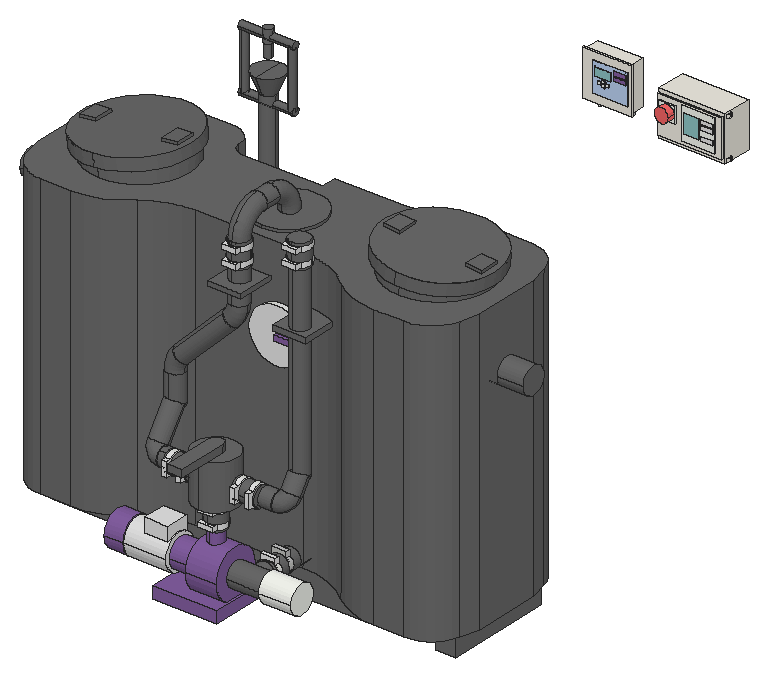
Revit family "93004.02_ms", category Generic Models, Revit 2021
Family settings
  Can host rebar = No
  Round Connector Dimension = Use Diameter
  Part Type = Normal
  Work Plane-Based = No
  Always vertical = Yes
  Cut with Voids When Loaded = No
  Shared = Yes
  Room Calculation Point = No
Parameters (values of type "93004.02_MS")
  SUPPLIER = "KESSEL"
  SA810ID06 = "4026092065037"
  SA810ID03 = "93004.02/MS"
  SA71009ID06 = 3000 W
  SA71009ID05 = 3600 W
  SA71009ID04 = 1
  SA700ID17 = 1055 mm
  SA700ID14 = "ohne Angabe"
  SA700ID13 = 70 mm
  SA700ID09 = 1458 mm
  SA700ID08 = 680 mm
  SA700ID07 = 1880 mm
  SA700ID06 = 400
  SA700ID05 = 4
  SA700ID04 = "Grease separator EasyClean free NS 4, Mix & Pump, SonicControl"
  SA500ID03 = "Sludge trap, integrated"
  SA400ID03 = "PE (Polyethylen)"
  SA250ID03 = "temperierte Umhausung"
  SA200ID03 = "free-standing set-up"
  SA100ID04 = "Abscheideranlage für Fette (Schlammfang und Fettabscheider)"
  PROCUREWEBLINK = "https://p.caden.as/kessel/93004.02%2FMS"
  PROCURELINK = "p.caden.as/kessel/93004.02%2FMS"
  PROCUREDATALASTUPDATE = "2024-05-22T12:18:14.950510334+01:00"
  PRC_SPECIFICATIONLINK = "https://ausschreiben.de/catalog/kessel/catalogItem/73ab7aaf-3c29-4873-a253-30e074b398e8"
  NN = "EasyClean free Mix & Pump grease separator"
  NBSYN = "$SA810ID03."
  NB = "93004.02/MS"
  Model = "93004.02/MS"
  Manufacturer = "KESSEL"
  MIdent = "{$CADENAS_DATA/23d-libs/kessel/kessel_vdi_import/40/abscheideranlage20fuer20fette/easyclean_free_mix_pump.prj},210 {STYP=ASS},{VTYP=3D},{NB=93004.02/MS},{LINA=93004.02/MS},{NN=EasyClean free Mix & Pump grease separator},{DATE=21.12.2022 12:04:43},{GEOMDATE=17.11.2022 09:57:07},{VERSION=},{LINEID=200},{WBVAR=},{WBNUMERIC=}  {NB=93004.02/MS},{LINA=93004.02/MS},{KT=DUMMY},{PREVIEW=../../bilder/ksb_w_9300402ms.png},{SA700ID04=Fettabscheider EasyClean free NS 4, Mix & Pump, SonicControl},{SA810ID06=4026092065037},{SA010ID04=KESSEL AG},{SA810ID03=93004.02/MS},{SA100ID04=Abscheideranlage für Fette (Schlammfang und Fettabscheider)},{SA200ID03=Freiaufstellung},{SA400ID03=PE (Polyethylen)},{SA500ID03=Schlammfang integriert},{SA700ID05=4.00},{SA700ID06=400},{SA71009ID04=1},{SA71009ID05=3.60},{SA71009ID06=3.00},{SA250ID03=temperierte Umhausung},{SA700ID07=1880},{SA700ID09=1458},{SA700ID13=70},{SA700ID17=1055},{SA700ID08=680},{SA810ID10=\\\"Der Abscheider für fetthaltiges Abwasser ist für die freie Aufstellung in frostgeschützten Räumen geeignet und verzichtet auf metallische Bauteile im Behälter. Der Sammelbehälter aus dauerhaft beständigem Kunststoff (PE) ist mit einem integrierten Schlammfang ausgestattet und besitzt ein konisch zulaufendes Bodenteil für eine schnelle und saubere Entsorgung. Zwei geruchsdichte Deckel mit Schnellspannverschlüssen ermöglichen einen einfachen Zugang für Reinigungs- und Wartungsarbeiten.Das innovative Schredder-Mix-System mit integriertem Zerhacker übernimmt die Homogenisierung und Umwälzung des Behälterinhaltes. Die Reinigung und geruchsneutrale Entsorgung erfolgt dabei über eine außenliegende Pumpe mit 2-Wege-Ventil und Umschalthebel, die mit einem Absperrschieber vom Behälter getrennt werden kann. Nach der Entsorgung sind nur noch max. 3 Liter Schlammrestvolumen im Behälter vorhanden.Die manuelle Steuerung erfolgt durch ein anwenderfreundliches Schaltgerät, das über einen potentialfreien Kontakt in die Gebäudeleittechnik eingebunden werden kann.Gewährleistung auf den Werkstoff PE 20 Jahre.Ausführung:Absperreinrichtung: jaEntsorgungsart: manuelles Entsorgungs- und ReinigungssystemEntsorgungseinrichtung: EntsorgungspumpeEntsorgungsvariante: Mix & PumpFülleinrichtung nach DIN 1988: jaNenngröße (NS): 4Schauglas: jaSchredder-Mix-System: jaSonicControl: jaWasserversorgung: 1 Schraubventil 1\\\"\\\"Tragfähigkeit (DIN 19901): F3Lieferumfang: Storz-B-Kupplung R 2 1/2 \\\"\\\" für SaugwagenanschlussEinbausituation: freie AufstellungAllgemeine Merkmale:Material: PENorm: EN 1825: 2004, DIN 4040-100Abmessungen:Aufstellfläche Länge: 2.116 mmAufstellfläche Breite: 842 mmAufstellfläche Höhe: 1.767 mmEinbringmaß Länge: 1.880 mmEinbringmaß Breite: 680 mmEinbringmaß Höhe: 1.458 mmBehälter/Grundkörper:Zulauf Nennweite (DN): 100 mmZulauf Nennweite (DA): 110 mmAuslauf Nennweite (DN): 100Auslauf Nennweite (DA): 110Abstand Rohrsohle Zulauf zu Behälterboden: 1.055 mmAbstand Rohrsohle Auslauf zu Behälterboden: 985 mmAnschluss Zu-/Auslaufstutzen: PE-HD-Rohre nach DIN 19537, HT-Rohre nach DIN 19560, PP oder ASDruckabgang (DA): 75 mmDruckabgang (DN): 65 mmNenndruck (PN): 10Abdeckungsmerkmale:Abdeckungsart: DeckelAbdeckung Material: KunststoffAbdeckung Farbe: violettDichtheit: geruchsdichtVerriegelung: SchnellspannverschlussAbwasserinhalt:Abscheiderinhalt: 400 lGesamtvolumen: 800 lSchlammfanginhalt: 400 lSpeichermenge an Fett: 160 lFördereinrichtung:Pumpe: SPF 300 KE 2.0Anzahl Pumpen: 1Förderhöhe max.: 17 mFörderleistung max.: 60 m3/hBetriebsspannung: 400 VNetzfrequenz: 50 HzBetriebsart: S2 - 30 Min.Leistung P1: 3,6 kWLeistung P2: 3 kWDrehzahl: 2.850 U/minErforderliche Absicherung (Leitungsschutz): Absicherung über Schaltgerät 400 VFörderguttemperatur (dauerhaft) max.: 40 °CAnschlusstyp: DirektanschlussGewicht: 44 kgLaufrad Typ: Radiallaufrad mit ZerhackerLänge Netzanschlussleitung Pumpe: 5 mNennstrom: 6,2 ASchutzart Pumpe: IP 55Schutzklasse: ITyp Anschlussleitung Pumpe: H07RN-F 7G 1,5 mm2Temperaturüberwachung: integriertSteuerung:Schaltgerät: jaBetriebsspannung: 400 VNetzfrequenz: 50 HzSelbstdiagnosesystem (SDS): jaBatteriepufferung: neinMehrzeilige Displayanzeige: neinLogbuchfunktion: neinUSB-Schnittstelle: neinGSM-Schnittstelle: neinPotentialfreier Kontakt: jaErforderliche Absicherung (Leitungsschutz): 3 x C 16 AErforderliche Absicherung (RCD): 30 mAMotorschutz Schalter: jaSchutzart Schaltgerät: IP 54\\\"},{SA700ID14=ohne Angabe},{LODLEVEL=0},{CATEGORY3AA=},{CATEGORY3AB=EasyClean free Mix & Pump},{CATEGORY3AC=},{CATEGORY3AD=},{CATEGORY3AE=},{CATEGORY3AF=},{BEZEICHNUNG=},{BREITE=0.0},{TIEFE=MIN},{HOEHE=MIN},{MASSE=MIN},{LOD_=0,'Low'},{LOD_DEU=0,'Low'},{LOD_3DB=93004.02/MS_0},{DNIN1=100},{DNIN2=10},{DNIN3=10},{DNIN4=10},{DNIN5=MIN},{DNIN6=MIN},{DNIN7=MIN},{DNOUT1=100},{DNOUT2=50},{ISD=80},{ISD2=10},{SA960ID03=99},{SA960ID04=3L},{SA960ID08=http://www.kessel.de/info?han=93004.02/MS},{SA010ID01=010},{SA010ID02=40},{SA010ID06=www.kessel.de},{SA010ID08=4026092000007},{SA100ID01=100},{SA100ID02=1},{SA740ID01=740},{SA200ID01=200},{SA200ID02=1},{SA250ID01=250},{SA250ID02=1},{SA400ID01=400},{SA400ID02=1},{SA500ID01=500},{SA500ID02=1},{SA700ID01=700},{SA700ID02=99},{SA700ID14_=0},{SA71009ID01=710.09},{SA71009ID02=1},{SA71009ID03=SPF 300 KE 2.0},{SA71009ID07=IP55},{SA71009ID08=1},{SA71009ID09=1},{SA71009ID10=60},{SA71009ID11=17},{SA810ID01=810},{SA810ID02=99},{SA810ID04=93004.02/MS},{SA810ID07=99},{SA810ID14=PCE},{LINK=http://www.kessel.de/info?han=93004.02/MS},{LINK_=http://www.kessel.de/info?han=93004.02/MS},{LINK_DEU=http://www.kessel.de/info?han=93004.02/MS},{LODLEVELVIS=Low}"
  LINK = "http://www.kessel.de/info?han=93004.02/MS"
  LINA = "93004.02/MS"
  Default Elevation = 0 mm
  CREATOR = "CADENAS GmbH"
  CATALOG = "KESSEL"
  BOMINFO = "LINA"
  ARTICLENO = "NB"
Reference planes
  plane 1 "Center (Front/Back)": y = 0
  plane 2: z = 0
  plane 3 "Center (Left/Right)": x = 0
Dimensions and locks
  aligned and locked: level to plane 2
Nested families
  nested 1: "93004.02_ms_content" at (0, 0, 0), type "93004.02_MS_Content"
  nested 2: "93004.02_ms_part1_X0Y0" at (1000, 1000, 1500), type "93004.02_MS_PART1_X0Y0"
  nested 3: "93004.02_ms_part2_X0Y0" at (600, 1000, 1500), type "93004.02_MS_PART2_X0Y0"
  nested 4: "93004.02_ms_part3_X0Y0" at (0, 0, 0), type "93004.02_MS_PART3_X0Y0"
Connectors
  electrical at (910.5, 933.5, 1478)
    settings: on nested 2, index 1, voltage 0 V, apparent load 0 VA, apparent load phase1 0 VA, apparent load phase2 0 VA, apparent load phase3 0 VA, power factor 1, load classification "Other", number of poles 1, system type 31, power factor state 1, is connector primary yes, connector utility no, sub classification motor no, connector description ""
  electrical at (536, 972.5, 1469)
    settings: on nested 3, index 2, voltage 0 V, apparent load 0 VA, apparent load phase1 0 VA, apparent load phase2 0 VA, apparent load phase3 0 VA, power factor 1, load classification "Other", number of poles 1, system type 31, power factor state 1, is connector primary no, connector utility no, sub classification motor no, connector description ""
  piping at (-1087.6, 0, 1113), diameter 100
    settings: on nested 4, index 3, connector inside diameter 609.6 mm, connector length 0 mm, flow factor 0, pipe flow 0.0 L/s, pressure drop 0.0 Pa, fitting loss kfactor 0, connector angle 0.00°, fixture units 0, engagement length 0 mm, angle of deflection 0.00°, flow configuration 0, flow direction 1, fitting loss method 2, system type 8, joint type 0, gender type 0, connector reference index -1, connector utility 0, adjustable connector no, is connector primary yes, connector description ""
  piping at (-305, 275, 1772.9), diameter 10
    settings: on nested 4, index 4, connector inside diameter 609.6 mm, connector length 0 mm, flow factor 0, pipe flow 0.0 L/s, pressure drop 0.0 Pa, fitting loss kfactor 0, connector angle 0.00°, fixture units 0, engagement length 0 mm, angle of deflection 0.00°, flow configuration 0, flow direction 1, fitting loss method 2, system type 8, joint type 0, gender type 0, connector reference index -1, connector utility 0, adjustable connector no, is connector primary no, connector description ""
  piping at (1034, 0, 1030), diameter 100
    settings: on nested 4, index 5, connector inside diameter 609.6 mm, connector length 0 mm, flow factor 0, pipe flow 0.0 L/s, pressure drop 0.0 Pa, fitting loss kfactor 0, connector angle 0.00°, fixture units 0, engagement length 0 mm, angle of deflection 0.00°, flow configuration 0, flow direction 2, fitting loss method 2, system type 7, joint type 0, gender type 0, connector reference index -1, connector utility 0, adjustable connector no, is connector primary no, connector description ""
  piping at (290, -303.5, 1442), diameter 50
    settings: on nested 4, index 6, connector inside diameter 609.6 mm, connector length 0 mm, flow factor 0, pipe flow 0.0 L/s, pressure drop 0.0 Pa, fitting loss kfactor 0, connector angle 0.00°, fixture units 0, engagement length 0 mm, angle of deflection 0.00°, flow configuration 0, flow direction 2, fitting loss method 2, system type 7, joint type 0, gender type 0, connector reference index -1, connector utility 0, adjustable connector no, is connector primary no, connector description ""
  electrical at (-212, -383, 248.5)
    settings: on nested 4, index 7, voltage 0 V, apparent load 0 VA, apparent load phase1 0 VA, apparent load phase2 0 VA, apparent load phase3 0 VA, power factor 1, load classification "Other", number of poles 1, system type 31, power factor state 1, is connector primary no, connector utility no, sub classification motor no, connector description ""
Definition of nested family "93004.02_ms_part1_X0Y0"
  Parameters (values of type "93004.02_MS_PART1_X0Y0")
    SUPPLIER = "KESSEL"
    SA810ID06 = "4026092065037"
    SA810ID03 = "93004.02/MS"
    SA71009ID06 = 3000 W
    SA71009ID05 = 3600 W
    SA71009ID04 = 1
    SA700ID17 = 1055 mm
    SA700ID14 = "ohne Angabe"
    SA700ID13 = 70 mm
    SA700ID09 = 1458 mm
    SA700ID08 = 680 mm
    SA700ID07 = 1880 mm
    SA700ID06 = 400
    SA700ID05 = 4
    SA700ID04 = "Grease separator EasyClean free NS 4, Mix & Pump, SonicControl"
    SA500ID03 = "Sludge trap, integrated"
    SA400ID03 = "PE (Polyethylen)"
    SA250ID03 = "temperierte Umhausung"
    SA200ID03 = "free-standing set-up"
    SA100ID04 = "Abscheideranlage für Fette (Schlammfang und Fettabscheider)"
    NBSYN = "$SA810ID03._PART1"
    NB = "93004.02/MS_PART1"
    Model = "93004.02/MS_PART1"
    Manufacturer = "KESSEL"
    MIdent = "{$CADENAS_DATA/23d-libs/kessel/kessel_vdi_import/40/abscheideranlage20fuer20fette/easyclean_free_mix_pump.prj},230 {VTYP=3D},{NB=93004.02/MS_PART1},{LINA=93004.02/MS_PART1},{NN=EasyClean free Mix & Pump grease separator_PART1},{NOPRJ=TRUE},{DATE=21.12.2022 12:04:43},{GEOMDATE=17.11.2022 09:57:07},{VERSION=},{LINEID=200},{WBVAR=},{WBNUMERIC=}  {NB=93004.02/MS_PART1},{LINA=93004.02/MS_PART1},{KT=DUMMY},{PREVIEW=../../bilder/ksb_w_9300402ms.png},{SA700ID04=Fettabscheider EasyClean free NS 4, Mix & Pump, SonicControl},{SA810ID06=4026092065037},{SA010ID04=KESSEL AG},{SA810ID03=93004.02/MS},{SA100ID04=Abscheideranlage für Fette (Schlammfang und Fettabscheider)},{SA200ID03=Freiaufstellung},{SA400ID03=PE (Polyethylen)},{SA500ID03=Schlammfang integriert},{SA700ID05=4.00},{SA700ID06=400},{SA71009ID04=1},{SA71009ID05=3.60},{SA71009ID06=3.00},{SA250ID03=temperierte Umhausung},{SA700ID07=1880},{SA700ID09=1458},{SA700ID13=70},{SA700ID17=1055},{SA700ID08=680},{SA810ID10=\\\"Der Abscheider für fetthaltiges Abwasser ist für die freie Aufstellung in frostgeschützten Räumen geeignet und verzichtet auf metallische Bauteile im Behälter. Der Sammelbehälter aus dauerhaft beständigem Kunststoff (PE) ist mit einem integrierten Schlammfang ausgestattet und besitzt ein konisch zulaufendes Bodenteil für eine schnelle und saubere Entsorgung. Zwei geruchsdichte Deckel mit Schnellspannverschlüssen ermöglichen einen einfachen Zugang für Reinigungs- und Wartungsarbeiten.Das innovative Schredder-Mix-System mit integriertem Zerhacker übernimmt die Homogenisierung und Umwälzung des Behälterinhaltes. Die Reinigung und geruchsneutrale Entsorgung erfolgt dabei über eine außenliegende Pumpe mit 2-Wege-Ventil und Umschalthebel, die mit einem Absperrschieber vom Behälter getrennt werden kann. Nach der Entsorgung sind nur noch max. 3 Liter Schlammrestvolumen im Behälter vorhanden.Die manuelle Steuerung erfolgt durch ein anwenderfreundliches Schaltgerät, das über einen potentialfreien Kontakt in die Gebäudeleittechnik eingebunden werden kann.Gewährleistung auf den Werkstoff PE 20 Jahre.Ausführung:Absperreinrichtung: jaEntsorgungsart: manuelles Entsorgungs- und ReinigungssystemEntsorgungseinrichtung: EntsorgungspumpeEntsorgungsvariante: Mix & PumpFülleinrichtung nach DIN 1988: jaNenngröße (NS): 4Schauglas: jaSchredder-Mix-System: jaSonicControl: jaWasserversorgung: 1 Schraubventil 1\\\"\\\"Tragfähigkeit (DIN 19901): F3Lieferumfang: Storz-B-Kupplung R 2 1/2 \\\"\\\" für SaugwagenanschlussEinbausituation: freie AufstellungAllgemeine Merkmale:Material: PENorm: EN 1825: 2004, DIN 4040-100Abmessungen:Aufstellfläche Länge: 2.116 mmAufstellfläche Breite: 842 mmAufstellfläche Höhe: 1.767 mmEinbringmaß Länge: 1.880 mmEinbringmaß Breite: 680 mmEinbringmaß Höhe: 1.458 mmBehälter/Grundkörper:Zulauf Nennweite (DN): 100 mmZulauf Nennweite (DA): 110 mmAuslauf Nennweite (DN): 100Auslauf Nennweite (DA): 110Abstand Rohrsohle Zulauf zu Behälterboden: 1.055 mmAbstand Rohrsohle Auslauf zu Behälterboden: 985 mmAnschluss Zu-/Auslaufstutzen: PE-HD-Rohre nach DIN 19537, HT-Rohre nach DIN 19560, PP oder ASDruckabgang (DA): 75 mmDruckabgang (DN): 65 mmNenndruck (PN): 10Abdeckungsmerkmale:Abdeckungsart: DeckelAbdeckung Material: KunststoffAbdeckung Farbe: violettDichtheit: geruchsdichtVerriegelung: SchnellspannverschlussAbwasserinhalt:Abscheiderinhalt: 400 lGesamtvolumen: 800 lSchlammfanginhalt: 400 lSpeichermenge an Fett: 160 lFördereinrichtung:Pumpe: SPF 300 KE 2.0Anzahl Pumpen: 1Förderhöhe max.: 17 mFörderleistung max.: 60 m3/hBetriebsspannung: 400 VNetzfrequenz: 50 HzBetriebsart: S2 - 30 Min.Leistung P1: 3,6 kWLeistung P2: 3 kWDrehzahl: 2.850 U/minErforderliche Absicherung (Leitungsschutz): Absicherung über Schaltgerät 400 VFörderguttemperatur (dauerhaft) max.: 40 °CAnschlusstyp: DirektanschlussGewicht: 44 kgLaufrad Typ: Radiallaufrad mit ZerhackerLänge Netzanschlussleitung Pumpe: 5 mNennstrom: 6,2 ASchutzart Pumpe: IP 55Schutzklasse: ITyp Anschlussleitung Pumpe: H07RN-F 7G 1,5 mm2Temperaturüberwachung: integriertSteuerung:Schaltgerät: jaBetriebsspannung: 400 VNetzfrequenz: 50 HzSelbstdiagnosesystem (SDS): jaBatteriepufferung: neinMehrzeilige Displayanzeige: neinLogbuchfunktion: neinUSB-Schnittstelle: neinGSM-Schnittstelle: neinPotentialfreier Kontakt: jaErforderliche Absicherung (Leitungsschutz): 3 x C 16 AErforderliche Absicherung (RCD): 30 mAMotorschutz Schalter: jaSchutzart Schaltgerät: IP 54\\\"},{SA700ID14=ohne Angabe},{LODLEVEL=0},{CATEGORY3AA=},{CATEGORY3AB=EasyClean free Mix & Pump},{CATEGORY3AC=},{CATEGORY3AD=},{CATEGORY3AE=},{CATEGORY3AF=},{BEZEICHNUNG=},{BREITE=0.0},{TIEFE=MIN},{HOEHE=MIN},{MASSE=MIN},{LOD_=0,'Low'},{LOD_DEU=0,'Low'},{LOD_3DB=93004.02/MS_0},{DNIN1=100},{DNIN2=10},{DNIN3=10},{DNIN4=10},{DNIN5=MIN},{DNIN6=MIN},{DNIN7=MIN},{DNOUT1=100},{DNOUT2=50},{ISD=80},{ISD2=10},{SA960ID03=99},{SA960ID04=3L},{SA960ID08=http://www.kessel.de/info?han=93004.02/MS},{SA010ID01=010},{SA010ID02=40},{SA010ID06=www.kessel.de},{SA010ID08=4026092000007},{SA100ID01=100},{SA100ID02=1},{SA740ID01=740},{SA200ID01=200},{SA200ID02=1},{SA250ID01=250},{SA250ID02=1},{SA400ID01=400},{SA400ID02=1},{SA500ID01=500},{SA500ID02=1},{SA700ID01=700},{SA700ID02=99},{SA700ID14_=0},{SA71009ID01=710.09},{SA71009ID02=1},{SA71009ID03=SPF 300 KE 2.0},{SA71009ID07=IP55},{SA71009ID08=1},{SA71009ID09=1},{SA71009ID10=60},{SA71009ID11=17},{SA810ID01=810},{SA810ID02=99},{SA810ID04=93004.02/MS},{SA810ID07=99},{SA810ID14=PCE},{LINK=http://www.kessel.de/info?han=93004.02/MS},{LINK_=http://www.kessel.de/info?han=93004.02/MS},{LINK_DEU=http://www.kessel.de/info?han=93004.02/MS},{LODLEVELVIS=Low}"
    LINK = "http://www.kessel.de/info?han=93004.02/MS"
    LINA = "93004.02/MS_PART1"
    Default Elevation = 1219.2 mm
    CREATOR = "CADENAS GmbH"
    CATALOG = "KESSEL"
    BOMINFO = "LINA"
    ARTICLENO = "NB"
  Reference planes
    plane 1 "Center (Front/Back)": y = 0
    plane 2: z = 0
    plane 3 "Center (Left/Right)": x = 0
  Dimensions and locks
    aligned and locked: level to plane 2
  Nested families
    nested 1: "93004.02_ms_part1_content" at (0, 0, 0), type "93004.02_MS_PART1_Content"
  Definition of nested family "93004.02_ms_part1_content"
    Parameters (values of type "93004.02_MS_PART1_Content")
      SUPPLIER = "KESSEL"
      SA810ID06 = "4026092065037"
      SA810ID03 = "93004.02/MS"
      SA71009ID06 = 3000 W
      SA71009ID05 = 3600 W
      SA71009ID04 = 1
      SA700ID17 = 1055 mm
      SA700ID14 = "ohne Angabe"
      SA700ID13 = 70 mm
      SA700ID09 = 1458 mm
      SA700ID08 = 680 mm
      SA700ID07 = 1880 mm
      SA700ID06 = 400
      SA700ID05 = 4
      SA700ID04 = "Grease separator EasyClean free NS 4, Mix & Pump, SonicControl"
      SA500ID03 = "Sludge trap, integrated"
      SA400ID03 = "PE (Polyethylen)"
      SA250ID03 = "temperierte Umhausung"
      SA200ID03 = "free-standing set-up"
      SA100ID04 = "Abscheideranlage für Fette (Schlammfang und Fettabscheider)"
      NBSYN = "$SA810ID03._PART1"
      NB = "93004.02/MS_PART1"
      Model = "93004.02/MS_PART1"
      Manufacturer = "KESSEL"
      LINK = "http://www.kessel.de/info?han=93004.02/MS"
      LINA = "93004.02/MS_PART1"
      Default Elevation = 1219.2 mm
      CREATOR = "CADENAS GmbH"
      CATALOG = "KESSEL"
      BOMINFO = "LINA"
      ARTICLENO = "NB"
    Reference planes
      plane 1 "Center (Front/Back)": y = 0
      plane 2: z = 0
      plane 3 "Center (Left/Right)": x = 0
    Forms (mm)
      Extrusion 1, solid, detail levels medium+fine
        sketch origin (139, 0, 0) x (0, -1, 0) y (0, 0, 1)
          loop
            line (0, 188) -> (0, 0) -> (122.5, 0) -> (122.5, 188) -> (0, 188)
        from 0 to 278
      Extrusion 2, solid, detail levels medium+fine
        sketch origin (130, -122.5, 14) x (0, -1, 0) y (0, 0, 1)
          loop
            line (0, 160) -> (0, 0) -> (5, 0) -> (5, 160) -> (0, 160)
        from 0 to 269
      Extrusion 3, solid, detail levels medium+fine
        sketch origin (100, -127.5, 26) x (0, -1, 0) y (0, 0, 1)
          loop
            line (-1.5, 135) -> (-1.5, 0) -> (0.2, 0) -> (0.2, 135) -> (-1.5, 135)
        from 0 to 140
      Extrusion 4, solid, detail levels medium+fine
        sketch origin (32.5, -127.7, 55) x (0, -1, 0) y (0, 0, 1)
          loop
            line (-1.5, 79) -> (-1.5, 0) -> (0.1, 0) -> (0.1, 79) -> (-1.5, 79)
        from 0 to 65
      Extrusion 5, solid, detail levels medium+fine
        sketch origin (92.5, -127.7, 97) x (0, -1, 0) y (0, 0, 1)
          loop
            line (-1.5, 16) -> (-1.5, 0) -> (0.1, 0) -> (0.1, 16) -> (-1.5, 16)
        from 0 to 51
      Extrusion 6, solid, detail levels medium+fine
        sketch origin (92.5, -127.7, 55) x (0, -1, 0) y (0, 0, 1)
          loop
            line (-1.5, 16) -> (-1.5, 0) -> (0.1, 0) -> (0.1, 16) -> (-1.5, 16)
        from 0 to 51
      Extrusion 7, solid, detail levels medium+fine
        sketch origin (92.5, -127.7, 118) x (0, -1, 0) y (0, 0, 1)
          loop
            line (-1.5, 16) -> (-1.5, 0) -> (0.1, 0) -> (0.1, 16) -> (-1.5, 16)
        from 0 to 51
      Extrusion 8, solid, detail levels medium+fine
        sketch origin (0.25, -66.5, 1.5) x (0.866025, 0.5, 0) y (0.5, -0.866025, 0)
          loop
            circle (0, 0) r 10
        from 0 to 2.5
      Extrusion 9, solid, detail levels medium+fine
        sketch origin (-63, -127.5, 84) x (0, -1, 0) y (0, 0, 1)
          loop
            line (0, 67) -> (0, 0) -> (7, 0) -> (7, 67) -> (0, 67)
        from 0 to 67
      Extrusion 10, solid, detail levels medium+fine
        sketch origin (-96.5, -134.5, 117.5) x (1, 0, 0) y (0, 0, 1)
          loop
            circle (0, 0) r 29.5
        from 0 to 29
      Extrusion 11, solid, detail levels medium+fine
        sketch origin (30.25, -66.5, 1.5) x (0.866025, 0.5, 0) y (0.5, -0.866025, 0)
          loop
            circle (0, 0) r 10
        from 0 to 2.5
      Extrusion 12, solid, detail levels medium+fine
        sketch origin (60.25, -66.5, 1.5) x (0.866025, 0.5, 0) y (0.5, -0.866025, 0)
          loop
            circle (0, 0) r 10
        from 0 to 2.5
      Extrusion 13, solid, detail levels medium+fine
        sketch origin (-44.5, -66.5, 0) x (0.866025, 0.5, 0) y (0.5, -0.866025, 0)
          loop
            line (0, 17.321) -> (-15, 8.66) -> (-15, -8.66) -> (0, -17.321) -> (15, -8.66) -> (15, 8.66) -> (0, 17.321)
        from 0 to 22
      Extrusion 14, solid, detail levels medium+fine
        sketch origin (-89.5, -66.5, 0) x (0.866025, 0.5, 0) y (0.5, -0.866025, 0)
          loop
            line (0, 17.321) -> (-15, 8.66) -> (-15, -8.66) -> (0, -17.321) -> (15, -8.66) -> (15, 8.66) -> (0, 17.321)
        from 0 to 22
      Extrusion 15, solid, detail levels medium+fine
        sketch origin (-128, 0, 177) x (-1, 0, 0) y (0, 0, 1)
          loop
            circle (0, 0) r 7.5
        from 0 to 2
      Extrusion 16, solid, detail levels medium+fine
        sketch origin (-128, 0, 11) x (-1, 0, 0) y (0, 0, 1)
          loop
            circle (0, 0) r 7.5
        from 0 to 2
      Extrusion 17, solid, detail levels medium+fine
        sketch origin (128, 0, 11) x (-1, 0, 0) y (0, 0, 1)
          loop
            circle (0, 0) r 7.5
        from 0 to 2
      Extrusion 18, solid, detail levels medium+fine
        sketch origin (128, 0, 177) x (-1, 0, 0) y (0, 0, 1)
          loop
            circle (0, 0) r 7.5
        from 0 to 2
      Extrusion 19, solid, detail levels medium+fine
        sketch origin (143.5, -100.5, 170) x (-1, 0, 0) y (0, -1, 0)
          loop
            circle (0, 0) r 5
        from 0 to 14
      Extrusion 20, solid, detail levels medium+fine
        sketch origin (139, -100.5, 170) x (0, -1, 0) y (1, 0, 0)
          loop
            line (0, 9.5) -> (0, 0) -> (20, 0) -> (0, 9.5)
        from 0 to 14
      Extrusion 21, solid, detail levels medium+fine
        sketch origin (143.5, -100.5, 4) x (-1, 0, 0) y (0, -1, 0)
          loop
            circle (0, 0) r 5
        from 0 to 14
      Extrusion 22, solid, detail levels medium+fine
        sketch origin (139, -100.5, 4) x (0, -1, 0) y (1, 0, 0)
          loop
            line (0, 9.5) -> (0, 0) -> (20, 0) -> (0, 9.5)
        from 0 to 14
      Extrusion 23, solid, detail levels coarse
        sketch origin (4.75, -80.75, -22) x (1, 0, 0) y (0, 1, 0)
          loop
            line (-143.75, -82.75) -> (143.75, -82.75) -> (143.75, 82.75) -> (-143.75, 82.75) -> (-143.75, -82.75)
        from 0 to 210
    Dimensions and locks
      aligned and locked: level to plane 2
Definition of nested family "93004.02_ms_part2_X0Y0"
  Parameters (values of type "93004.02_MS_PART2_X0Y0")
    SUPPLIER = "KESSEL"
    SA810ID06 = "4026092065037"
    SA810ID03 = "93004.02/MS"
    SA71009ID06 = 3000 W
    SA71009ID05 = 3600 W
    SA71009ID04 = 1
    SA700ID17 = 1055 mm
    SA700ID14 = "ohne Angabe"
    SA700ID13 = 70 mm
    SA700ID09 = 1458 mm
    SA700ID08 = 680 mm
    SA700ID07 = 1880 mm
    SA700ID06 = 400
    SA700ID05 = 4
    SA700ID04 = "Grease separator EasyClean free NS 4, Mix & Pump, SonicControl"
    SA500ID03 = "Sludge trap, integrated"
    SA400ID03 = "PE (Polyethylen)"
    SA250ID03 = "temperierte Umhausung"
    SA200ID03 = "free-standing set-up"
    SA100ID04 = "Abscheideranlage für Fette (Schlammfang und Fettabscheider)"
    NBSYN = "$SA810ID03._PART2"
    NB = "93004.02/MS_PART2"
    Model = "93004.02/MS_PART2"
    Manufacturer = "KESSEL"
    MIdent = "{$CADENAS_DATA/23d-libs/kessel/kessel_vdi_import/40/abscheideranlage20fuer20fette/easyclean_free_mix_pump.prj},230 {VTYP=3D},{NB=93004.02/MS_PART2},{LINA=93004.02/MS_PART2},{NN=EasyClean free Mix & Pump grease separator_PART2},{NOPRJ=TRUE},{DATE=21.12.2022 12:04:43},{GEOMDATE=17.11.2022 09:57:07},{VERSION=},{LINEID=200},{WBVAR=},{WBNUMERIC=}  {NB=93004.02/MS_PART2},{LINA=93004.02/MS_PART2},{KT=DUMMY},{PREVIEW=../../bilder/ksb_w_9300402ms.png},{SA700ID04=Fettabscheider EasyClean free NS 4, Mix & Pump, SonicControl},{SA810ID06=4026092065037},{SA010ID04=KESSEL AG},{SA810ID03=93004.02/MS},{SA100ID04=Abscheideranlage für Fette (Schlammfang und Fettabscheider)},{SA200ID03=Freiaufstellung},{SA400ID03=PE (Polyethylen)},{SA500ID03=Schlammfang integriert},{SA700ID05=4.00},{SA700ID06=400},{SA71009ID04=1},{SA71009ID05=3.60},{SA71009ID06=3.00},{SA250ID03=temperierte Umhausung},{SA700ID07=1880},{SA700ID09=1458},{SA700ID13=70},{SA700ID17=1055},{SA700ID08=680},{SA810ID10=\\\"Der Abscheider für fetthaltiges Abwasser ist für die freie Aufstellung in frostgeschützten Räumen geeignet und verzichtet auf metallische Bauteile im Behälter. Der Sammelbehälter aus dauerhaft beständigem Kunststoff (PE) ist mit einem integrierten Schlammfang ausgestattet und besitzt ein konisch zulaufendes Bodenteil für eine schnelle und saubere Entsorgung. Zwei geruchsdichte Deckel mit Schnellspannverschlüssen ermöglichen einen einfachen Zugang für Reinigungs- und Wartungsarbeiten.Das innovative Schredder-Mix-System mit integriertem Zerhacker übernimmt die Homogenisierung und Umwälzung des Behälterinhaltes. Die Reinigung und geruchsneutrale Entsorgung erfolgt dabei über eine außenliegende Pumpe mit 2-Wege-Ventil und Umschalthebel, die mit einem Absperrschieber vom Behälter getrennt werden kann. Nach der Entsorgung sind nur noch max. 3 Liter Schlammrestvolumen im Behälter vorhanden.Die manuelle Steuerung erfolgt durch ein anwenderfreundliches Schaltgerät, das über einen potentialfreien Kontakt in die Gebäudeleittechnik eingebunden werden kann.Gewährleistung auf den Werkstoff PE 20 Jahre.Ausführung:Absperreinrichtung: jaEntsorgungsart: manuelles Entsorgungs- und ReinigungssystemEntsorgungseinrichtung: EntsorgungspumpeEntsorgungsvariante: Mix & PumpFülleinrichtung nach DIN 1988: jaNenngröße (NS): 4Schauglas: jaSchredder-Mix-System: jaSonicControl: jaWasserversorgung: 1 Schraubventil 1\\\"\\\"Tragfähigkeit (DIN 19901): F3Lieferumfang: Storz-B-Kupplung R 2 1/2 \\\"\\\" für SaugwagenanschlussEinbausituation: freie AufstellungAllgemeine Merkmale:Material: PENorm: EN 1825: 2004, DIN 4040-100Abmessungen:Aufstellfläche Länge: 2.116 mmAufstellfläche Breite: 842 mmAufstellfläche Höhe: 1.767 mmEinbringmaß Länge: 1.880 mmEinbringmaß Breite: 680 mmEinbringmaß Höhe: 1.458 mmBehälter/Grundkörper:Zulauf Nennweite (DN): 100 mmZulauf Nennweite (DA): 110 mmAuslauf Nennweite (DN): 100Auslauf Nennweite (DA): 110Abstand Rohrsohle Zulauf zu Behälterboden: 1.055 mmAbstand Rohrsohle Auslauf zu Behälterboden: 985 mmAnschluss Zu-/Auslaufstutzen: PE-HD-Rohre nach DIN 19537, HT-Rohre nach DIN 19560, PP oder ASDruckabgang (DA): 75 mmDruckabgang (DN): 65 mmNenndruck (PN): 10Abdeckungsmerkmale:Abdeckungsart: DeckelAbdeckung Material: KunststoffAbdeckung Farbe: violettDichtheit: geruchsdichtVerriegelung: SchnellspannverschlussAbwasserinhalt:Abscheiderinhalt: 400 lGesamtvolumen: 800 lSchlammfanginhalt: 400 lSpeichermenge an Fett: 160 lFördereinrichtung:Pumpe: SPF 300 KE 2.0Anzahl Pumpen: 1Förderhöhe max.: 17 mFörderleistung max.: 60 m3/hBetriebsspannung: 400 VNetzfrequenz: 50 HzBetriebsart: S2 - 30 Min.Leistung P1: 3,6 kWLeistung P2: 3 kWDrehzahl: 2.850 U/minErforderliche Absicherung (Leitungsschutz): Absicherung über Schaltgerät 400 VFörderguttemperatur (dauerhaft) max.: 40 °CAnschlusstyp: DirektanschlussGewicht: 44 kgLaufrad Typ: Radiallaufrad mit ZerhackerLänge Netzanschlussleitung Pumpe: 5 mNennstrom: 6,2 ASchutzart Pumpe: IP 55Schutzklasse: ITyp Anschlussleitung Pumpe: H07RN-F 7G 1,5 mm2Temperaturüberwachung: integriertSteuerung:Schaltgerät: jaBetriebsspannung: 400 VNetzfrequenz: 50 HzSelbstdiagnosesystem (SDS): jaBatteriepufferung: neinMehrzeilige Displayanzeige: neinLogbuchfunktion: neinUSB-Schnittstelle: neinGSM-Schnittstelle: neinPotentialfreier Kontakt: jaErforderliche Absicherung (Leitungsschutz): 3 x C 16 AErforderliche Absicherung (RCD): 30 mAMotorschutz Schalter: jaSchutzart Schaltgerät: IP 54\\\"},{SA700ID14=ohne Angabe},{LODLEVEL=0},{CATEGORY3AA=},{CATEGORY3AB=EasyClean free Mix & Pump},{CATEGORY3AC=},{CATEGORY3AD=},{CATEGORY3AE=},{CATEGORY3AF=},{BEZEICHNUNG=},{BREITE=0.0},{TIEFE=MIN},{HOEHE=MIN},{MASSE=MIN},{LOD_=0,'Low'},{LOD_DEU=0,'Low'},{LOD_3DB=93004.02/MS_0},{DNIN1=100},{DNIN2=10},{DNIN3=10},{DNIN4=10},{DNIN5=MIN},{DNIN6=MIN},{DNIN7=MIN},{DNOUT1=100},{DNOUT2=50},{ISD=80},{ISD2=10},{SA960ID03=99},{SA960ID04=3L},{SA960ID08=http://www.kessel.de/info?han=93004.02/MS},{SA010ID01=010},{SA010ID02=40},{SA010ID06=www.kessel.de},{SA010ID08=4026092000007},{SA100ID01=100},{SA100ID02=1},{SA740ID01=740},{SA200ID01=200},{SA200ID02=1},{SA250ID01=250},{SA250ID02=1},{SA400ID01=400},{SA400ID02=1},{SA500ID01=500},{SA500ID02=1},{SA700ID01=700},{SA700ID02=99},{SA700ID14_=0},{SA71009ID01=710.09},{SA71009ID02=1},{SA71009ID03=SPF 300 KE 2.0},{SA71009ID07=IP55},{SA71009ID08=1},{SA71009ID09=1},{SA71009ID10=60},{SA71009ID11=17},{SA810ID01=810},{SA810ID02=99},{SA810ID04=93004.02/MS},{SA810ID07=99},{SA810ID14=PCE},{LINK=http://www.kessel.de/info?han=93004.02/MS},{LINK_=http://www.kessel.de/info?han=93004.02/MS},{LINK_DEU=http://www.kessel.de/info?han=93004.02/MS},{LODLEVELVIS=Low}"
    LINK = "http://www.kessel.de/info?han=93004.02/MS"
    LINA = "93004.02/MS_PART2"
    Default Elevation = 1219.2 mm
    CREATOR = "CADENAS GmbH"
    CATALOG = "KESSEL"
    BOMINFO = "LINA"
    ARTICLENO = "NB"
  Reference planes
    plane 1 "Center (Front/Back)": y = 0
    plane 2: z = 0
    plane 3 "Center (Left/Right)": x = 0
  Dimensions and locks
    aligned and locked: level to plane 2
  Nested families
    nested 1: "93004.02_ms_part2_content" at (0, 0, 0), type "93004.02_MS_PART2_Content"
  Definition of nested family "93004.02_ms_part2_content"
    Parameters (values of type "93004.02_MS_PART2_Content")
      SUPPLIER = "KESSEL"
      SA810ID06 = "4026092065037"
      SA810ID03 = "93004.02/MS"
      SA71009ID06 = 3000 W
      SA71009ID05 = 3600 W
      SA71009ID04 = 1
      SA700ID17 = 1055 mm
      SA700ID14 = "ohne Angabe"
      SA700ID13 = 70 mm
      SA700ID09 = 1458 mm
      SA700ID08 = 680 mm
      SA700ID07 = 1880 mm
      SA700ID06 = 400
      SA700ID05 = 4
      SA700ID04 = "Grease separator EasyClean free NS 4, Mix & Pump, SonicControl"
      SA500ID03 = "Sludge trap, integrated"
      SA400ID03 = "PE (Polyethylen)"
      SA250ID03 = "temperierte Umhausung"
      SA200ID03 = "free-standing set-up"
      SA100ID04 = "Abscheideranlage für Fette (Schlammfang und Fettabscheider)"
      NBSYN = "$SA810ID03._PART2"
      NB = "93004.02/MS_PART2"
      Model = "93004.02/MS_PART2"
      Manufacturer = "KESSEL"
      LINK = "http://www.kessel.de/info?han=93004.02/MS"
      LINA = "93004.02/MS_PART2"
      Default Elevation = 1219.2 mm
      CREATOR = "CADENAS GmbH"
      CATALOG = "KESSEL"
      BOMINFO = "LINA"
      ARTICLENO = "NB"
    Reference planes
      plane 1 "Center (Front/Back)": y = 0
      plane 2: z = 0
      plane 3 "Center (Left/Right)": x = 0
    Forms (mm)
      Extrusion 1, solid, detail levels medium+fine
        sketch origin (94, 0, 5) x (0, -1, 0) y (0, 0, 1)
          loop
            line (0, 184) -> (0, 0) -> (64.5, 0) -> (64.5, 184) -> (0, 184)
        from 0 to 188
      Extrusion 2, solid, detail levels medium+fine
        sketch origin (104, -64.5, 0) x (0, -1, 0) y (0, 0, 1)
          loop
            line (0, 194) -> (0, 0) -> (3.5, 0) -> (3.5, 194) -> (0, 194)
        from 0 to 208
      Extrusion 3, solid, detail levels medium+fine
        sketch origin (86.3, -68, 33.2) x (0, -1, 0) y (0, 0, 1)
          loop
            line (-0.5, 127) -> (-0.5, 0) -> (1, 0) -> (1, 127) -> (-0.5, 127)
        from 0 to 146
      Extrusion 4, solid, detail levels medium+fine
        sketch origin (6.8, -69, 77.2) x (0, -1, 0) y (0, 0, 1)
          loop
            line (-0.5, 12) -> (-0.5, 0) -> (1, 0) -> (1, 12) -> (-0.5, 12)
        from 0 to 12
      Extrusion 5, solid, detail levels medium+fine
        sketch origin (-9.7, -69, 85.45) x (0, -1, 0) y (0, 0, 1)
          loop
            line (-0.5, 12) -> (-0.5, 0) -> (1, 0) -> (1, 12) -> (-0.5, 12)
        from 0 to 12
      Extrusion 6, solid, detail levels medium+fine
        sketch origin (-9.7, -69, 68.95) x (0, -1, 0) y (0, 0, 1)
          loop
            line (-0.5, 12) -> (-0.5, 0) -> (1, 0) -> (1, 12) -> (-0.5, 12)
        from 0 to 12
      Extrusion 7, solid, detail levels medium+fine
        sketch origin (13.3, -69, 100.45) x (0, -1, 0) y (0, 0, 1)
          loop
            line (-0.5, 37) -> (-0.5, 0) -> (1, 0) -> (1, 37) -> (-0.5, 37)
        from 0 to 65
      Extrusion 8, solid, detail levels medium+fine
        sketch origin (78.8, -69, 110.7) x (0, -1, 0) y (0, 0, 1)
          loop
            line (-0.5, 16) -> (-0.5, 0) -> (1, 0) -> (1, 16) -> (-0.5, 16)
        from 0 to 51
      Extrusion 9, solid, detail levels medium+fine
        sketch origin (-26.2, -69, 77.2) x (0, -1, 0) y (0, 0, 1)
          loop
            line (-0.5, 12) -> (-0.5, 0) -> (1, 0) -> (1, 12) -> (-0.5, 12)
        from 0 to 12
      Extrusion 10, solid, detail levels medium+fine
        sketch origin (78.75, -69, 130.75) x (0, -1, 0) y (0, 0, 1)
          loop
            line (-0.5, 16) -> (-0.5, 0) -> (1, 0) -> (1, 16) -> (-0.5, 16)
        from 0 to 51
      Extrusion 11, solid, detail levels medium+fine
        sketch origin (-64, -27.5, 5) x (1, 0, 0) y (0, -1, 0)
          loop
            circle (0, 0) r 12
        from 0 to 26
      Extrusion 12, solid, detail levels medium+fine
        sketch origin (-64, -27.5, -21) x (1, 0, 0) y (0, -1, 0)
          loop
            circle (0, 0) r 5
        from 0 to 10
      Extrusion 13, solid, detail levels medium+fine
        sketch origin (67, -27.5, 5) x (1, 0, 0) y (0, -1, 0)
          loop
            circle (0, 0) r 12
        from 0 to 26
      Extrusion 14, solid, detail levels coarse
        sketch origin (0, -35, -31) x (1, 0, 0) y (0, 1, 0)
          loop
            line (-104, -35) -> (104, -35) -> (104, 35) -> (-104, 35) -> (-104, -35)
        from 0 to 225
    Dimensions and locks
      aligned and locked: level to plane 2
Definition of nested family "93004.02_ms_part3_X0Y0"
  Parameters (values of type "93004.02_MS_PART3_X0Y0")
    SUPPLIER = "KESSEL"
    SA810ID06 = "4026092065037"
    SA810ID03 = "93004.02/MS"
    SA71009ID06 = 3000 W
    SA71009ID05 = 3600 W
    SA71009ID04 = 1
    SA700ID17 = 1055 mm
    SA700ID14 = "ohne Angabe"
    SA700ID13 = 70 mm
    SA700ID09 = 1458 mm
    SA700ID08 = 680 mm
    SA700ID07 = 1880 mm
    SA700ID06 = 400
    SA700ID05 = 4
    SA700ID04 = "Grease separator EasyClean free NS 4, Mix & Pump, SonicControl"
    SA500ID03 = "Sludge trap, integrated"
    SA400ID03 = "PE (Polyethylen)"
    SA250ID03 = "temperierte Umhausung"
    SA200ID03 = "free-standing set-up"
    SA100ID04 = "Abscheideranlage für Fette (Schlammfang und Fettabscheider)"
    NBSYN = "$SA810ID03._PART3"
    NB = "93004.02/MS_PART3"
    Model = "93004.02/MS_PART3"
    Manufacturer = "KESSEL"
    MIdent = "{$CADENAS_DATA/23d-libs/kessel/kessel_vdi_import/40/abscheideranlage20fuer20fette/easyclean_free_mix_pump.prj},230 {VTYP=3D},{NB=93004.02/MS_PART3},{LINA=93004.02/MS_PART3},{NN=EasyClean free Mix & Pump grease separator_PART3},{NOPRJ=TRUE},{DATE=21.12.2022 12:04:43},{GEOMDATE=17.11.2022 09:57:07},{VERSION=},{LINEID=200},{WBVAR=},{WBNUMERIC=}  {NB=93004.02/MS_PART3},{LINA=93004.02/MS_PART3},{KT=DUMMY},{PREVIEW=../../bilder/ksb_w_9300402ms.png},{SA700ID04=Fettabscheider EasyClean free NS 4, Mix & Pump, SonicControl},{SA810ID06=4026092065037},{SA010ID04=KESSEL AG},{SA810ID03=93004.02/MS},{SA100ID04=Abscheideranlage für Fette (Schlammfang und Fettabscheider)},{SA200ID03=Freiaufstellung},{SA400ID03=PE (Polyethylen)},{SA500ID03=Schlammfang integriert},{SA700ID05=4.00},{SA700ID06=400},{SA71009ID04=1},{SA71009ID05=3.60},{SA71009ID06=3.00},{SA250ID03=temperierte Umhausung},{SA700ID07=1880},{SA700ID09=1458},{SA700ID13=70},{SA700ID17=1055},{SA700ID08=680},{SA810ID10=\\\"Der Abscheider für fetthaltiges Abwasser ist für die freie Aufstellung in frostgeschützten Räumen geeignet und verzichtet auf metallische Bauteile im Behälter. Der Sammelbehälter aus dauerhaft beständigem Kunststoff (PE) ist mit einem integrierten Schlammfang ausgestattet und besitzt ein konisch zulaufendes Bodenteil für eine schnelle und saubere Entsorgung. Zwei geruchsdichte Deckel mit Schnellspannverschlüssen ermöglichen einen einfachen Zugang für Reinigungs- und Wartungsarbeiten.Das innovative Schredder-Mix-System mit integriertem Zerhacker übernimmt die Homogenisierung und Umwälzung des Behälterinhaltes. Die Reinigung und geruchsneutrale Entsorgung erfolgt dabei über eine außenliegende Pumpe mit 2-Wege-Ventil und Umschalthebel, die mit einem Absperrschieber vom Behälter getrennt werden kann. Nach der Entsorgung sind nur noch max. 3 Liter Schlammrestvolumen im Behälter vorhanden.Die manuelle Steuerung erfolgt durch ein anwenderfreundliches Schaltgerät, das über einen potentialfreien Kontakt in die Gebäudeleittechnik eingebunden werden kann.Gewährleistung auf den Werkstoff PE 20 Jahre.Ausführung:Absperreinrichtung: jaEntsorgungsart: manuelles Entsorgungs- und ReinigungssystemEntsorgungseinrichtung: EntsorgungspumpeEntsorgungsvariante: Mix & PumpFülleinrichtung nach DIN 1988: jaNenngröße (NS): 4Schauglas: jaSchredder-Mix-System: jaSonicControl: jaWasserversorgung: 1 Schraubventil 1\\\"\\\"Tragfähigkeit (DIN 19901): F3Lieferumfang: Storz-B-Kupplung R 2 1/2 \\\"\\\" für SaugwagenanschlussEinbausituation: freie AufstellungAllgemeine Merkmale:Material: PENorm: EN 1825: 2004, DIN 4040-100Abmessungen:Aufstellfläche Länge: 2.116 mmAufstellfläche Breite: 842 mmAufstellfläche Höhe: 1.767 mmEinbringmaß Länge: 1.880 mmEinbringmaß Breite: 680 mmEinbringmaß Höhe: 1.458 mmBehälter/Grundkörper:Zulauf Nennweite (DN): 100 mmZulauf Nennweite (DA): 110 mmAuslauf Nennweite (DN): 100Auslauf Nennweite (DA): 110Abstand Rohrsohle Zulauf zu Behälterboden: 1.055 mmAbstand Rohrsohle Auslauf zu Behälterboden: 985 mmAnschluss Zu-/Auslaufstutzen: PE-HD-Rohre nach DIN 19537, HT-Rohre nach DIN 19560, PP oder ASDruckabgang (DA): 75 mmDruckabgang (DN): 65 mmNenndruck (PN): 10Abdeckungsmerkmale:Abdeckungsart: DeckelAbdeckung Material: KunststoffAbdeckung Farbe: violettDichtheit: geruchsdichtVerriegelung: SchnellspannverschlussAbwasserinhalt:Abscheiderinhalt: 400 lGesamtvolumen: 800 lSchlammfanginhalt: 400 lSpeichermenge an Fett: 160 lFördereinrichtung:Pumpe: SPF 300 KE 2.0Anzahl Pumpen: 1Förderhöhe max.: 17 mFörderleistung max.: 60 m3/hBetriebsspannung: 400 VNetzfrequenz: 50 HzBetriebsart: S2 - 30 Min.Leistung P1: 3,6 kWLeistung P2: 3 kWDrehzahl: 2.850 U/minErforderliche Absicherung (Leitungsschutz): Absicherung über Schaltgerät 400 VFörderguttemperatur (dauerhaft) max.: 40 °CAnschlusstyp: DirektanschlussGewicht: 44 kgLaufrad Typ: Radiallaufrad mit ZerhackerLänge Netzanschlussleitung Pumpe: 5 mNennstrom: 6,2 ASchutzart Pumpe: IP 55Schutzklasse: ITyp Anschlussleitung Pumpe: H07RN-F 7G 1,5 mm2Temperaturüberwachung: integriertSteuerung:Schaltgerät: jaBetriebsspannung: 400 VNetzfrequenz: 50 HzSelbstdiagnosesystem (SDS): jaBatteriepufferung: neinMehrzeilige Displayanzeige: neinLogbuchfunktion: neinUSB-Schnittstelle: neinGSM-Schnittstelle: neinPotentialfreier Kontakt: jaErforderliche Absicherung (Leitungsschutz): 3 x C 16 AErforderliche Absicherung (RCD): 30 mAMotorschutz Schalter: jaSchutzart Schaltgerät: IP 54\\\"},{SA700ID14=ohne Angabe},{LODLEVEL=0},{CATEGORY3AA=},{CATEGORY3AB=EasyClean free Mix & Pump},{CATEGORY3AC=},{CATEGORY3AD=},{CATEGORY3AE=},{CATEGORY3AF=},{BEZEICHNUNG=},{BREITE=0.0},{TIEFE=MIN},{HOEHE=MIN},{MASSE=MIN},{LOD_=0,'Low'},{LOD_DEU=0,'Low'},{LOD_3DB=93004.02/MS_0},{DNIN1=100},{DNIN2=10},{DNIN3=10},{DNIN4=10},{DNIN5=MIN},{DNIN6=MIN},{DNIN7=MIN},{DNOUT1=100},{DNOUT2=50},{ISD=80},{ISD2=10},{SA960ID03=99},{SA960ID04=3L},{SA960ID08=http://www.kessel.de/info?han=93004.02/MS},{SA010ID01=010},{SA010ID02=40},{SA010ID06=www.kessel.de},{SA010ID08=4026092000007},{SA100ID01=100},{SA100ID02=1},{SA740ID01=740},{SA200ID01=200},{SA200ID02=1},{SA250ID01=250},{SA250ID02=1},{SA400ID01=400},{SA400ID02=1},{SA500ID01=500},{SA500ID02=1},{SA700ID01=700},{SA700ID02=99},{SA700ID14_=0},{SA71009ID01=710.09},{SA71009ID02=1},{SA71009ID03=SPF 300 KE 2.0},{SA71009ID07=IP55},{SA71009ID08=1},{SA71009ID09=1},{SA71009ID10=60},{SA71009ID11=17},{SA810ID01=810},{SA810ID02=99},{SA810ID04=93004.02/MS},{SA810ID07=99},{SA810ID14=PCE},{LINK=http://www.kessel.de/info?han=93004.02/MS},{LINK_=http://www.kessel.de/info?han=93004.02/MS},{LINK_DEU=http://www.kessel.de/info?han=93004.02/MS},{LODLEVELVIS=Low}"
    LINK = "http://www.kessel.de/info?han=93004.02/MS"
    LINA = "93004.02/MS_PART3"
    Default Elevation = 1219.2 mm
    CREATOR = "CADENAS GmbH"
    CATALOG = "KESSEL"
    BOMINFO = "LINA"
    ARTICLENO = "NB"
  Reference planes
    plane 1 "Center (Front/Back)": y = 0
    plane 2: z = 0
    plane 3 "Center (Left/Right)": x = 0
  Dimensions and locks
    aligned and locked: level to plane 2
  Nested families
    nested 1: "93004.02_ms_part3_content" at (0, 0, 0), type "93004.02_MS_PART3_Content"
  Definition of nested family "93004.02_ms_part3_content"
    Parameters (values of type "93004.02_MS_PART3_Content")
      SUPPLIER = "KESSEL"
      SA810ID06 = "4026092065037"
      SA810ID03 = "93004.02/MS"
      SA71009ID06 = 3000 W
      SA71009ID05 = 3600 W
      SA71009ID04 = 1
      SA700ID17 = 1055 mm
      SA700ID14 = "ohne Angabe"
      SA700ID13 = 70 mm
      SA700ID09 = 1458 mm
      SA700ID08 = 680 mm
      SA700ID07 = 1880 mm
      SA700ID06 = 400
      SA700ID05 = 4
      SA700ID04 = "Grease separator EasyClean free NS 4, Mix & Pump, SonicControl"
      SA500ID03 = "Sludge trap, integrated"
      SA400ID03 = "PE (Polyethylen)"
      SA250ID03 = "temperierte Umhausung"
      SA200ID03 = "free-standing set-up"
      SA100ID04 = "Abscheideranlage für Fette (Schlammfang und Fettabscheider)"
      NBSYN = "$SA810ID03._PART3"
      NB = "93004.02/MS_PART3"
      Model = "93004.02/MS_PART3"
      Manufacturer = "KESSEL"
      LINK = "http://www.kessel.de/info?han=93004.02/MS"
      LINA = "93004.02/MS_PART3"
      Default Elevation = 1219.2 mm
      CREATOR = "CADENAS GmbH"
      CATALOG = "KESSEL"
      BOMINFO = "LINA"
      ARTICLENO = "NB"
    Reference planes
      plane 1 "Center (Front/Back)": y = 0
      plane 2: z = 0
      plane 3 "Center (Left/Right)": x = 0
    Forms (mm)
      Extrusion 1, solid, detail levels medium+fine
        sketch origin (-850.5, -183.5, 0) x (0, 1, 0) y (0, 0, 1)
          loop
            line (1, 113) -> (1, 0) -> (449, 0) -> (449, 113) -> (1, 113)
        from 0 to 286.5
      Extrusion 2, solid, detail levels medium+fine
        sketch origin (-9.5, -2.5, 113) x (0, 1, 0) y (-1, 0, 0)
          loop
            arc (-216.61, 912.68) -> (-302.399, 860.489) -> (-336, 765.86) r 149.909
            line (-336, 765.86) -> (-336, 640)
            arc (-336, 640) -> (-313.522, 526.027) -> (-249.9, 428.83) r 303.723
            arc (-249.9, 428.83) -> (-198.75, 339.201) -> (-181, 237.542) r 299.987
            line (-181, 237.542) -> (-181, -218.052)
            arc (-181, -218.052) -> (-202.401, -338.562) -> (-263.987, -444.335) r 350
            arc (-263.987, -444.335) -> (-317.309, -535.794) -> (-336, -640) r 303.723
            line (-336, -640) -> (-336, -765.86)
            arc (-336, -765.86) -> (-304.392, -858.004) -> (-223.79, -912.71) r 153.9
            line (-223.79, -912.71) -> (-142.5, -930) -> (142.5, -930) -> (222.13, -911.43)
            arc (222.13, -911.43) -> (301.133, -860.13) -> (334.47, -772.03) r 151.293
            line (334.47, -772.03) -> (343.79, -509.89)
            arc (343.79, -509.89) -> (340.734, -482.369) -> (330.25, -456.74) r 100.035
            arc (330.25, -456.74) -> (286.393, -371.057) -> (271, -276.04) r 309.293
            line (271, -276.04) -> (271, 9.5) -> (205, 9.5) -> (205, 350.05)
            arc (205, 350.05) -> (216.468, 381.913) -> (245.61, 399.16) r 49.999
            line (245.61, 399.16) -> (287.5, 404.91)
            arc (287.5, 404.91) -> (327.387, 451.104) -> (343.79, 509.89) r 139.785
            line (343.79, 509.89) -> (334.47, 772.03)
            arc (334.47, 772.03) -> (301.133, 860.13) -> (222.13, 911.43) r 151.293
            line (222.13, 911.43) -> (142.5, 930) -> (-142.5, 930) -> (-216.61, 912.68)
        from 0 to 1192
      Extrusion 3, solid, detail levels medium+fine
        sketch origin (115, -183.5, 967.5) x (1, 0, 0) y (0, 0, 1)
          loop
            circle (0, 0) r 114
        from -25 to 25
      Extrusion 4, solid, detail levels medium+fine
        sketch origin (235, -208.5, 955.75) x (0, -1, 0) y (0, 0, 1)
          loop
            line (0, 23.5) -> (0, 0) -> (15, 0) -> (15, 23.5) -> (0, 23.5)
        from 0 to 120
      Extrusion 5, solid, detail levels medium+fine
        sketch origin (359, -357.5, 1110) x (0, 1, 0) y (0, 0, -1)
          loop
            line (0, 20.5) -> (0, 0) -> (174, 0) -> (174, 20.5) -> (0, 20.5)
        from 0 to 138
      Extrusion 6, solid, detail levels medium+fine
        sketch origin (290, -303.5, 553) x (0, 1, 0) y (-1, 0, 0)
          loop
            circle (0, 0) r 37.5
        from 0 to 789
      Revolve 7, solid, detail levels medium+fine
        sketch origin (290, -303.5, 553) x (-1, 0, 0) y (0, -0.819152, 0.573577)
          loop
            line (0, 37.5) -> (0, -37.5)
            arc (0, -37.5) -> (37.5, 0) -> (0, 37.5) r 37.5
          axis (0, -37.5) -> (0, 37.5)
        angle from -360 to 0
      Extrusion 8, solid, detail levels medium+fine
        sketch origin (291, -350.204, 494.128) x (-1, 0, 0) y (0, -0.819152, 0.573577)
          loop
            circle (0, 0) r 37.5
        from 0 to 75
      Revolve 9, solid, detail levels medium+fine
        sketch origin (253, -372, 463) x (0, 0.573576, 0.819152) y (0, -0.819152, 0.573576)
          loop
            circle (0, 0) r 37
          axis (38, 0) -> (38, -1)
        angle from -90 to 0
      Extrusion 10, solid, detail levels medium+fine
        sketch origin (27, -372, 463) x (0, 0.573576, 0.819152) y (0, -0.819152, 0.573576)
          loop
            circle (0, 0) r 37.5
        from 0 to 227
      Extrusion 11, solid, detail levels medium+fine
        sketch origin (94.5, -383, 464) x (0, 1, 0) y (0, 0, 1)
          loop
            circle (0, 0) r 42
        from 0 to 100
      Extrusion 12, solid, detail levels medium+fine
        sketch origin (164.5, -383, 464) x (0, 1, 0) y (0, 0, 1)
          loop
            line (-56, -30) -> (-33.541, -30)
            arc (-33.541, -30) -> (45, 0) -> (-33.541, 30) r 45
            line (-33.541, 30) -> (-56, 30) -> (-56, -30)
        from 0 to 20
      Extrusion 13, solid, detail levels medium+fine
        sketch origin (104.5, -383, 464) x (0, 1, 0) y (0, 0, 1)
          loop
            line (-56, -30) -> (-33.541, -30)
            arc (-33.541, -30) -> (45, 0) -> (-33.541, 30) r 45
            line (-33.541, 30) -> (-56, 30) -> (-56, -30)
        from 0 to 20
      Extrusion 14, solid, detail levels medium+fine
        sketch origin (0, -383, 384.5) x (0, 1, 0) y (-1, 0, 0)
          loop
            circle (0, 0) r 89.5
        from 0 to 188
      Extrusion 15, solid, detail levels medium+fine
        sketch origin (0, -383, 572.5) x (0, 1, 0) y (-1, 0, 0)
          loop
            line (-216, 30) -> (-216, -30) -> (0, -30)
            arc (0, -30) -> (30, 0) -> (0, 30) r 30
            line (0, 30) -> (-216, 30)
        from 0 to 30
      Extrusion 16, solid, detail levels medium+fine
        sketch origin (27, -372, 463) x (0, -0.573576, 0.819152) y (0, 0.819152, 0.573576)
          loop
            circle (0, 0) r 37.5
        from 0 to 257.5
      Extrusion 17, solid, detail levels medium+fine
        sketch origin (-94.5, -383, 464) x (0, 1, 0) y (0, 0, -1)
          loop
            circle (0, 0) r 42
        from 0 to 100
      Revolve 18, solid, detail levels medium+fine
        sketch origin (-230.5, -372, 463) x (0, 0.573577, 0.819152) y (0, 0.819152, -0.573577)
          loop
            circle (0, 0) r 37.5
          axis (38, 0) -> (38, -1)
        angle from -90 to 0
      Extrusion 19, solid, detail levels medium+fine
        sketch origin (-268.5, -351.795, 490.335) x (-1, 0, 0) y (0, -0.819152, 0.573577)
          loop
            circle (0, 0) r 37.5
        from 0 to 150
      Revolve 20, solid, detail levels medium+fine
        sketch origin (-268.5, -260, 613) x (0, 1, 0) y (0, 0, 1)
          loop
            line (0, 37.5) -> (0, -37.5)
            arc (0, -37.5) -> (37.5, 0) -> (0, 37.5) r 37.5
          axis (0, -37.5) -> (0, 37.5)
        angle from -360 to 0
      Extrusion 21, solid, detail levels medium+fine
        sketch origin (-268.5, -260, 613) x (0, 1, 0) y (-1, 0, 0)
          loop
            circle (0, 0) r 37.5
        from 0 to 116
      Revolve 22, solid, detail levels medium+fine
        sketch origin (-268.5, -260, 729) x (1, 0, 0) y (0, 1, 0)
          loop
            circle (0, 0) r 37
          axis (100, 0) -> (100, -1)
        angle from -45 to 0
      Extrusion 23, solid, detail levels medium+fine
        sketch origin (-239.281, -260, 799.64) x (0.5, 0.707107, -0.5) y (-0.5, 0.707107, 0.5)
          loop
            circle (0, 0) r 37.5
        from 0 to 298.1
      Revolve 24, solid, detail levels medium+fine
        sketch origin (-29.2, -260, 1009.721) x (-0.707107, 0, 0.707107) y (0, -1, 0)
          loop
            circle (0, 0) r 37
          axis (100, 0) -> (100, -1)
        angle from -45 to 0
      Extrusion 25, solid, detail levels medium+fine
        sketch origin (-104.5, -383, 464) x (0, 1, 0) y (0, 0, -1)
          loop
            line (-56, -30) -> (-33.541, -30)
            arc (-33.541, -30) -> (45, 0) -> (-33.541, 30) r 45
            line (-33.541, 30) -> (-56, 30) -> (-56, -30)
        from 0 to 20
      Extrusion 26, solid, detail levels medium+fine
        sketch origin (-164.5, -383, 464) x (0, 1, 0) y (0, 0, -1)
          loop
            line (-56, -30) -> (-33.541, -30)
            arc (-33.541, -30) -> (45, 0) -> (-33.541, 30) r 45
            line (-33.541, 30) -> (-56, 30) -> (-56, -30)
        from 0 to 20
      Extrusion 27, solid, detail levels medium+fine
        sketch origin (-9.5, -42, 113) x (1, 0, 0) y (0, 1, 0)
          loop
            arc (-430.48, 353.36) -> (-416.819, 341.029) -> (-404.91, 327) r 138.804
            line (-404.91, 327) -> (-399.16, 285.11)
            arc (-399.16, 285.11) -> (-381.913, 255.968) -> (-350.05, 244.5) r 49.999
            line (-350.05, 244.5) -> (9.5, 244.5) -> (9.5, 310.5) -> (-276.04, 310.5)
            arc (-276.04, 310.5) -> (-356.159, 321.486) -> (-430.48, 353.36) r 301.667
        from 0 to 705
      Extrusion 28, solid, detail levels medium+fine
        sketch origin (290, -303.5, 1342) x (0, 1, 0) y (-1, 0, 0)
          loop
            circle (0, 0) r 42
        from 0 to 100
      Extrusion 29, solid, detail levels medium+fine
        sketch origin (290, -303.5, 1352) x (0, 1, 0) y (-1, 0, 0)
          loop
            circle (0, 0) r 45
        from 0 to 20
      Extrusion 30, solid, detail levels medium+fine
        sketch origin (290, -303.5, 1412) x (0, 1, 0) y (-1, 0, 0)
          loop
            circle (0, 0) r 45
        from 0 to 20
      Extrusion 31, solid, detail levels medium+fine
        sketch origin (260, -334.5, 1372) x (0, 0, -1) y (1, 0, 0)
          loop
            line (0, 60) -> (0, 0) -> (20, 0) -> (20, 60) -> (0, 60)
        from 0 to 25
      Extrusion 32, solid, detail levels medium+fine
        sketch origin (260, -334.5, 1432) x (0, 0, -1) y (1, 0, 0)
          loop
            line (0, 60) -> (0, 0) -> (20, 0) -> (20, 60) -> (0, 60)
        from 0 to 25
      Extrusion 33, solid, detail levels medium+fine
        sketch origin (-348.5, 202.5, 1119.2) x (0, 1, 0) y (0, 0, 1)
          loop
            line (0, 29.3) -> (0, 0) -> (120, 0) -> (120, 29.3) -> (0, 29.3)
        from 0 to 88
      Extrusion 34, solid, detail levels medium+fine
        sketch origin (-305, 275, 1003) x (1, 0, 0) y (0, 1, 0)
          loop
            circle (0, 0) r 31.5
        from 0 to 526.6
      Revolve 35, solid, detail levels medium+fine
        sketch origin (-110, 275, 1003) x (0, 1, 0) y (-1, 0, 0)
          loop
            circle (0, 0) r 31.5
          axis (0, 97.5) -> (-1, 97.5)
        angle from 0 to 180
      Extrusion 36, solid, detail levels medium+fine
        sketch origin (-110, 275, 1088.5) x (0, -1, 0) y (-1, 0, 0)
          loop
            circle (0, 0) r 31.5
        from 0 to 85.5
      Extrusion 37, solid, detail levels medium+fine
        sketch origin (-419.945, 274.499, 1494.316) x (0, 1, 0) y (0, 0, 1)
          loop
            circle (0, 0) r 15
        from 0 to 230
      Extrusion 38, solid, detail levels medium+fine
        sketch origin (-204.945, 274.499, 1743.316) x (1, 0, 0) y (0, -1, 0)
          loop
            circle (0, 0) r 15
        from 0 to 249
      Extrusion 39, solid, detail levels medium+fine
        sketch origin (-420, 274.5, 1743.25) x (0, 1, 0) y (0, 0, 1)
          loop
            circle (0, 0) r 15
        from 0 to 230
      Extrusion 40, solid, detail levels medium+fine
        sketch origin (-305, 275, 1720.9) x (1, 0, 0) y (0, 1, 0)
          loop
            circle (0, 0) r 19.25
        from 0 to 52
      Extrusion 41, solid, detail levels medium+fine
        sketch origin (-305, 275, 1662.9) x (1, 0, 0) y (0, 1, 0)
          loop
            circle (0, 0) r 14
        from 0 to 58
      Extrusion 42, solid, detail levels medium+fine
        sketch origin (-405.056, 274.499, 1743.316) x (1, 0, 0) y (0, -1, 0)
          loop
            circle (0, 0) r 15
        from 0 to 249
      Revolve 43, solid, detail levels medium+fine
        sketch origin (-305, 275, 1529.6) x (0, 0, 1) y (0, 1, 0)
          loop
            line (0, 0) -> (81, 0) -> (81, 65) -> (0, 31) -> (0, 0)
          axis (81, 0) -> (0, 0)
        angle from -360 to 0
      Extrusion 44, solid, detail levels medium+fine
        sketch origin (611.473, 0, 1071.551) x (0, 1, 0) y (-0.996195, 0, 0.087156)
          loop
            circle (0, 0) r 211
        from 0 to 281.5
